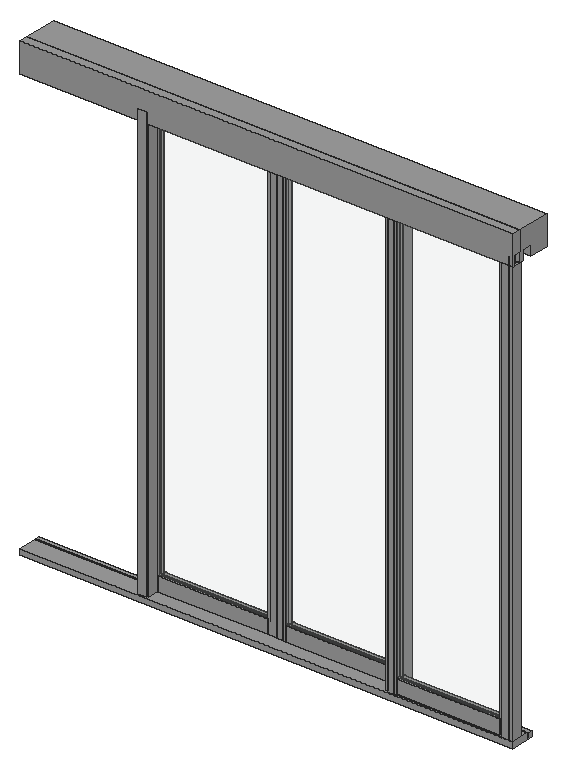
Revit family "agtatec_Record_SldngDrset_THERMCORD-D-STA_Standalone", category Doors, Revit 2015
Parameters (values of type "THERMCORD D-STA 150mm drive unit height side panel left")
  WithoutSidePanels = and(not(RightPanel), not(LeftPanel))  # no
  WithoutDriveCladding(OnlyApplicableForTypesWithoutSidePanels) = not(WithDriveCladding)  # no
  WithinStandardSizes = and(OpeningWidth > 799.90 mm, OpeningWidth < 3000.10 mm, ClearHeightOfPassage < 3000.10 mm, ClearHeightOfPassage > 1999.90 mm)  # yes
  WithSidePanels = and(RightPanel, LeftPanel)  # no
  WithDriveCladding = yes
  WarrantyDurationUnit = "Depends on country"
  WallMountingProfile = no
  Wall Opening Width = if(and(RightPanel, LeftPanel), OpeningWidth + SidePanelWidthRight + SidePanelWidthLeft, if(RightPanel, OpeningWidth + SidePanelWidthRight, if(LeftPanel, OpeningWidth + SidePanelWidthLeft, OpeningWidth)))  # 1846.00 mm
  TotalWidth = if(WithSidePanels, SidePanelWidthLeft + SidePanelWidthRight + OpeningWidth, if(RightPanel, SidePanelWidthRight + OpeningWidth + 54.50 mm, if(LeftPanel, SidePanelWidthLeft + OpeningWidth + 54.50 mm, OpeningWidth + 109.00 mm)))  # 1900.50 mm
  TotalHeight = ClearHeightOfPassage + DriveUnitHeight  # 2300.00 mm
  Thickness = 0.00 mm
  SustainabilityPerformance = "n/a"
  SupportLength = SidePanelWidthLeft + SidePanelWidthRight + OpeningWidth + DriveUnitExtraWidthRight + DriveUnitExtraWidthLeft  # 2492.00 mm
  SidePanelWidthRight = SidePanelMinimumStandard + ExtraRight  # 646.00 mm
  SidePanelWidthLeft = SidePanelMinimumStandard + ExtraLeft  # 646.00 mm
  SidePanelMinimumStandard = InnerPanelWidth  # 646.00 mm
  ServiceLifeType = "n/a"
  SecurityRating = "n/a"
  RightPanel = no
  Revision = "n/a"
  ProductInformation = "www.agta-record.com"
  Process = "n/a"
  PanelHeight = ClearHeightOfPassage + 50.00 mm  # 2200.00 mm
  PanelFrames = agtatec_Record_Sliding Door, Aluminium
  PanelFill = agtatec_Record_Sliding Door, Laminated Safety Glass (Clear)
  OuterPanelWidthRight = SidePanelMinimumStandard - 32.82 mm + ExtraRight  # 613.18 mm
  OuterPanelWidthLeft = SidePanelMinimumStandard - 32.82 mm + ExtraLeft  # 613.18 mm
  OpeningWidth = 1200.00 mm
  Name = "SldngDrset_THERMCORD-D-STA_Standalone_Record"
  NBSTypeID = "n/a"
  NBSReference = "25-50-20/175"
  NBSOfficeMasterTag = "n/a"
  NBSNote = "n/a"
  NBSDescription = "Sliding Doorset"
  NBSCertification = "n/a"
  MountingProfileRight = and(RightPanel, WallMountingProfile)  # no
  MountingProfileLeft = and(LeftPanel, WallMountingProfile)  # no
  ModelNumber = "n/a"
  ModelLabel = "n/a"
  MethodOfMeasurement = "n/a"
  ManufacturerName = "info@recorduk.co.uk"
  LeftPanel = yes
  InterlancingProfileRight = not(and(RightPanel, (Wall Opening Width > OpeningWidth)))  # yes
  InterlancingProfileLeft = not(and(LeftPanel, (Wall Opening Width > OpeningWidth)))  # no
  InterlancingProfileHeight = PanelHeight - 5.00 mm  # 2195.00 mm
  InterlancingProfile3 = or(and(Wall Opening Width < 2 * OpeningWidth, Wall Opening Width > OpeningWidth), WithDriveCladding)  # yes
  InterlancingProfile2 = and(Wall Opening Width = OpeningWidth, [WithoutDriveCladding(OnlyApplicableForTypesWithoutSidePanels)])  # no
  InterlancingProfile1 = yes
  InstallationDate [instance] = "1900-12-31T23:59:59"
  InnerPanelWidth = (OpeningWidth / 2) + 46.00 mm  # 646.00 mm
  IfcExportType = "Door"
  IfcExportAs = "IfcDoorStyle"
  Grade = "n/a"
  GlazingAreaFraction = "n/a"
  GlassThickness2 = 0.00 mm
  GlassThickness1 = 8.00 mm
  FloorListDepth = if(WithDriveCladding, 89.00 mm, 46.75 mm)  # 89.00 mm
  FloorGuide = agtatec_Record_Sliding Door, Stainless Steel
  Width = TotalWidth  # 1900.50 mm
  Weight = "Depends on configuration and size"
  WarrantyStartDate [instance] = "1900-12-31T23:59:59"
  WarrantyGuarantorParts = "Local door manufacturer"
  WarrantyGuarantorLabour = "Local door manufacturer"
  WarrantyDurationParts = "Depends on country"
  WarrantyDurationLabour = "Depends on country"
  WarrantyDescription = "Depends on country"
  Version = "Version 1.0"
  Uniclass2 = "Ss_25_30_20_77"
  URL = "www.agta-record.com"
  Type Comments = "n/a"
  ThresholdStripping = "No additional required, part of the doorset"
  ThresholdRequired = yes
  ThermalTransmittance = 0
  TagNumber [instance] = "n/a"
  SmokeStop = no
  Size = "n/a"
  Shape = "Rectangular"
  ServiceLifeDuration = "10-15 years"
  SerialNumber [instance] = "n/a"
  SelfClosing = yes
  Rough Width = TotalWidth + 6.00 mm  # 1906.50 mm
  Rough Height = TotalHeight + 6.00 mm  # 2306.00 mm
  ReplacementCost = "Depends on the configuration and door type"
  ReferenceStandard = "EN16005, EN16361, DIN 18650, etc."
  Reference = "n/a"
  ProductionYear = "n/a"
  PassageWidthOptions = "n/a"
  Operation = "n/a"
  NominalWidth = TotalWidth  # 1900.50 mm
  NominalLength = 0.00 mm
  NominalHeight = TotalHeight  # 2300.00 mm
  ModelReference = "Depends on the configuration"
  Model = "Thermcord D-STA"
  Material = "Aluminium"
  ManufacturerURL = "www.agta-record.com"
  Manufacturer = "Record"
  LeafColourOptions = "All RAL, customer specific"
  Keynote = "n/a"
  IssueDate = "n/a"
  IsExternal = yes
  Infiltration = "n/a"
  Height = TotalHeight  # 2300.00 mm
  HasDrive = yes
  HandicapAccessible = yes
  GlassType = "Part of glazing spec"
  GlassLayers = 2
  Function = Exterior
  FrameSeal = yes
  FrameProfile = "Aluminium"
  FrameMaterial = "Aluminium"
  FrameFinishOptions = "n/a"
  FireRating = "n/a"
  FireExit = no
  Fire Rating = "n/a"
  Finish = "Powder coated, Anodized, customer specific"
  Features = "n/a"
  ExtraWidthRight = 0.00 mm
  ExtraWidthLeft = 0.00 mm
  ExtraRight = if(not(RightPanel), 0.00 mm, ExtraWidthRight)  # 0.00 mm
  ExtraLeft = if(not(LeftPanel), 0.00 mm, ExtraWidthLeft)  # 0.00 mm
  ExpectedLife = "n/a"
  ElectronicLock = yes
  DurationUnit = "year"
  DriveUnitHeight = 150.00 mm
  DriveUnitExtraWidthRight = 0.00 mm
  DriveUnitExtraWidthLeft = 0.00 mm
  DriveUnitCenterDistance = (OpeningWidth / 2) + SidePanelWidthRight + DriveUnitExtraWidthRight  # 1246.00 mm
  DriveUnit = agtatec_Record_Sliding Door, Sheet Metal (Painted Steel)
  DriveDepth = if(and([WithoutDriveCladding(OnlyApplicableForTypesWithoutSidePanels)], DriveUnitHeight = 200.00 mm), 167.00 mm, if(and([WithoutDriveCladding(OnlyApplicableForTypesWithoutSidePanels)], DriveUnitHeight = 150.00 mm), 157.00 mm, 210.00 mm))  # 210.00 mm
  DoorsetOperation = "Automatic"
  DoorsetFasteners = "Screws"
  DoorSeal = "1"
  DoorOpeningRestriction = if(DoorOpening > OpeningWidth, OpeningWidth, DoorOpening)  # 0.00 mm
  DoorOpening = 0.00 mm
  DoorNumber = "n/a"
  DoorIncluded = yes
  Documentation = "n/a"
  DocumentReference = "n/a"
  DistanceToWall = if([WithoutDriveCladding(OnlyApplicableForTypesWithoutSidePanels)], 20.00 mm, 63.00 mm)  # 63.00 mm
  Description = "Automatic Sliding Door"
  Cost = 0
  Construction Type = "Automatic Sliding Door"
  Constituents = "n/a"
  Configuration = "1 or 2"
  Colour = "Customer specific"
  CodePerformance = "n/a"
  ClearanceZoneRight = if(or(not(WallMountingProfile), not(RightPanel), DriveUnitExtraWidthRight > 0.00 mm), ((OpeningWidth / 2) + SidePanelWidthRight + DriveUnitExtraWidthRight), ((OpeningWidth / 2) + SidePanelWidthRight + DriveUnitExtraWidthRight + 25.00 mm))  # 1246.00 mm
  ClearanceZoneLeft = if(or(not(WallMountingProfile), not(LeftPanel), DriveUnitExtraWidthLeft > 0.00 mm), ((OpeningWidth / 2) + SidePanelWidthLeft + DriveUnitExtraWidthLeft), ((OpeningWidth / 2) + SidePanelWidthLeft + DriveUnitExtraWidthLeft + 25.00 mm))  # 1246.00 mm
  Clearance Zones = no
  ClearHeightOfPassage = 2150.00 mm
  CenterOfDoor = SupportLength / 2  # 1246.00 mm
  Category = "n/a"
  BarCode [instance] = "n/a"
  BIMObjectName = "agtatec_Record_SlidingDoorset_THERMCORD-D-STA_Standalone"
  Author = "agtatec"
  AssetType = "n/a"
  AssetIdentifier [instance] = "n/a"
  Assembly Code = "B2030110"
  AntiFingerTrapRequirement = yes
  AlternativeDoorsetGlazing = "Part of glazing spec"
  AcousticRating = "n/a"
  AccessoryOptions = "Contact manufacturer"
  AccessibilityPerformance = "n/a"
Types (8, lengths in mm): name | WithoutSidePanels | WithSidePanels | Wall Opening Width | TotalWidth | TotalHeight | RightPanel | LeftPanel | InterlancingProfileRight | InterlancingProfileLeft | InterlancingProfile1 | Width | Rough Width | Rough Height | NominalWidth | NominalHeight | Height | DriveUnitHeight | DoorSeal
  THERMCORD D-STA 150mm drive unit height with two side panels | no | yes | 2492.00 | 2492.00 | 2300.00 | yes | yes | no | no | yes | 2492.00 | 2498.00 | 2306.00 | 2492.00 | 2300.00 | 2300.00 | 150.00 | "yes"
  THERMCORD D-STA 150mm drive unit height side panel left | no | no | 1846.00 | 1900.50 | 2300.00 | no | yes | yes | no | yes | 1900.50 | 1906.50 | 2306.00 | 1900.50 | 2300.00 | 2300.00 | 150.00 | "1"
  THERMCORD D-STA 150mm drive unit height side panel right | no | no | 1846.00 | 1900.50 | 2300.00 | yes | no | no | yes | yes | 1900.50 | 1906.50 | 2306.00 | 1900.50 | 2300.00 | 2300.00 | 150.00 | "1"
  THERMCORD D-STA 150mm drive unit height without side panels | yes | no | 1200.00 | 1309.00 | 2300.00 | no | no | yes | yes | no | 1309.00 | 1315.00 | 2306.00 | 1309.00 | 2300.00 | 2300.00 | 150.00 | "1"
  THERMCORD D-STA 200mm drive unit height side panel left | no | no | 1846.00 | 1900.50 | 2350.00 | no | yes | yes | no | yes | 1900.50 | 1906.50 | 2356.00 | 1900.50 | 2350.00 | 2350.00 | 200.00 | "1"
  THERMCORD D-STA 200mm drive unit height side panel right | no | no | 1846.00 | 1900.50 | 2350.00 | yes | no | no | yes | yes | 1900.50 | 1906.50 | 2356.00 | 1900.50 | 2350.00 | 2350.00 | 200.00 | "1"
  THERMCORD D-STA 200mm drive unit height with two side panels | no | yes | 2492.00 | 2492.00 | 2350.00 | yes | yes | no | no | yes | 2492.00 | 2498.00 | 2356.00 | 2492.00 | 2350.00 | 2350.00 | 200.00 | "1"
  THERMCORD D-STA 200mm drive unit height without side panels | yes | no | 1200.00 | 1309.00 | 2350.00 | no | no | yes | yes | no | 1309.00 | 1315.00 | 2356.00 | 1309.00 | 2350.00 | 2350.00 | 200.00 | "1"
Reference planes
  plane 1 "Center (Front/Back)": y = 0
  plane 2: z = 0
  plane 3 "Ex Center (Left/Right)": x = 0
  plane 4: x = -1221.68
  plane 5: x = 1221.68
  plane 6: y = 5
  plane 7: y = 101
  plane 8: x = 0
  plane 9: x = 0
  plane 10: x = -1246
  plane 11: x = 1246
  plane 12: z = 2300
  plane 13: z = 2150
  plane 14: z = 2508.08
  plane 15: x = -1175.68
  plane 16: x = 1175.68
  plane 17: x = 600
  plane 18: x = 608.5
  plane 19 "Drive Unit Center Ref": x = -1246
  plane 20: z = 2320
  plane 21: y = 360
  plane 22 "Clearance Zone Right": x = 1246
  plane 23 "Reference": z = 270
  plane 24 "2D Lines": z = 100
  plane 25: x = -646
  plane 26: y = 63
  plane 27: x = 646
  plane 28: y = 45.85
  plane 29: x = -600
  plane 30: x = -608.5
  plane 31: y = 210
  plane 32 "Center (Left/Right)": x = 0
  plane 33: x = -1246
  plane 34: x = 1246
Forms (mm)
  Extrusion 1, solid, material "agtatec_Record_Sliding Door, Aluminium" <- "PanelFrames", visible <- "RightPanel"
    sketch origin (0, 0, 0) x (1, 0, 0) y (0, 1, 0)
      loop
        line (-1191, 5) -> (-1236.36, 5) -> (-1236.36, 43) -> (-1191, 43) -> (-1191, 45.85) -> (-1246, 45.85) -> (-1246, 0) -> (-1191, 0) -> (-1191, 5)
    from 0 to 2150
  Extrusion 2, solid, material "agtatec_Record_Sliding Door, Aluminium" <- "PanelFrames", visible <- "LeftPanel"
    sketch origin (0, 0, 0) x (-1, 0, 0) y (0, -1, 0)
      loop
        line (-1191, -5) -> (-1191, 0) -> (-1246, 0) -> (-1246, -45.85) -> (-1191, -45.85) -> (-1191, -43) -> (-1236.36, -43) -> (-1236.36, -5) -> (-1191, -5)
    from 0 to 2150
  Extrusion 3, solid, material "agtatec_Record_Sliding Door, Stainless Steel" <- "FloorGuide"
    sketch origin (0, 0, 0) x (0, 1, 0) y (0, 0, 1)
      loop
        line (0, 0) -> (0, -30) -> (116, -30) -> (116, 0) -> (96, 0) -> (96, -28) -> (89, -28) -> (89, 0) -> (0, 0)
    from -1246 to 1246
  Extrusion 4, solid, material "agtatec_Record_Sliding Door, Aluminium" <- "PanelFrames", visible <- "MountingProfileLeft"
    sketch origin (0, 0, 0) x (1, 0, 0) y (0, 1, 0)
      loop
        line (1246, 45.85) -> (1246, 0) -> (1271, 0) -> (1271, 2.5) -> (1256.5, 2.5) -> (1256.5, 45.85) -> (1246, 45.85)
    from 0 to 2150
  Extrusion 5, solid, material "agtatec_Record_Sliding Door, Aluminium" <- "PanelFrames", visible <- "MountingProfileRight"
    sketch origin (0, 0, 0) x (-1, 0, 0) y (0, -1, 0)
      loop
        line (1246, -45.85) -> (1256.5, -45.85) -> (1256.5, -2.5) -> (1271, -2.5) -> (1271, 0) -> (1246, 0) -> (1246, -45.85)
    from 0 to 2150
  Extrusion 6, solid, material "Clearance Zones", visible <- "Clearance Zones"
    sketch origin (0, 0, 0) x (0, 1, 0) y (0, 0, 1)
      loop
        line (360, 2320) -> (0, 2320) -> (0, 0) -> (360, 0) -> (360, 2320)
    from -1246 to 1246
Lines and regions (mm)
  Masking region 1, visible <- "RightPanel"
    outline origin (0, 0, 0) x (1, 0, 0) y (0, 1, 0)
      loop
        line (-1236.36, 43) -> (-1236.36, 5) -> (-1221.68, 5) -> (-1221.68, 43) -> (-1236.36, 43)
  Masking region 2, visible <- "LeftPanel"
    outline origin (0, 0, 0) x (1, 0, 0) y (0, 1, 0)
      loop
        line (1191, 45.85) -> (1191, 43) -> (1236.36, 43) -> (1236.36, 5) -> (1191, 5) -> (1191, 0) -> (1246, 0) -> (1246, 45.85) -> (1191, 45.85)
  Masking region 3, visible <- "LeftPanel"
    outline origin (0, 0, 0) x (1, 0, 0) y (0, 1, 0)
      loop
        line (1236.36, 43) -> (1221.68, 43) -> (1221.68, 5) -> (1236.36, 5) -> (1236.36, 43)
  Masking region 4, visible <- "MountingProfileLeft"
    outline origin (0, 0, 0) x (1, 0, 0) y (0, 1, 0)
      loop
        line (1246, 45.85) -> (1246, 0) -> (1271, 0) -> (1271, 2.5) -> (1256.5, 2.5) -> (1256.5, 45.85) -> (1246, 45.85)
  Masking region 5, visible <- "MountingProfileRight"
    outline origin (0, 0, 0) x (1, 0, 0) y (0, 1, 0)
      loop
        line (-1256.5, 45.85) -> (-1256.5, 2.5) -> (-1271, 2.5) -> (-1271, 0) -> (-1246, 0) -> (-1246, 45.85) -> (-1256.5, 45.85)
  Masking region 6, visible <- "RightPanel"
    outline origin (0, 0, 0) x (1, 0, 0) y (0, 1, 0)
      loop
        line (-1191, 45.85) -> (-1246, 45.85) -> (-1246, 0) -> (-1191, 0) -> (-1191, 5) -> (-1236.36, 5) -> (-1236.36, 43) -> (-1191, 43) -> (-1191, 45.85)
  symbolic lines, style "Opening simbol"
    curve 1: line (175, -50, 0) -> (25, -50, 0)
    curve 2: line (175, -50, 0) -> (139.645, -14.645, 0)
    curve 3: line (175, -50, 0) -> (139.645, -85.355, 0)
    curve 4: line (-25, -50, 0) -> (-175, -50, 0)
    curve 5: line (-175, -50, 0) -> (-139.645, -14.645, 0)
    curve 6: line (-175, -50, 0) -> (-139.645, -85.355, 0)
  symbolic lines, style "DoorsPanelProjection", visible <- "LeftPanel", detail levels medium+fine
    curve 7: line (1191, 43, 100) -> (1236.36, 43, 100)
    curve 8: line (1236.36, 5, 100) -> (1191, 5, 100)
    curve 9: line (1236.36, 5, 100) -> (1236.36, 43, 100)
    curve 10: line (1221.68, 43, 100) -> (1221.68, 5, 100)
  symbolic lines, style "DoorsPanelProjection", visible <- "RightPanel", detail levels medium+fine
    curve 11: line (-1191, 43, 100) -> (-1236.36, 43, 100)
    curve 12: line (-1236.36, 5, 100) -> (-1191, 5, 100)
    curve 13: line (-1236.36, 5, 100) -> (-1236.36, 43, 100)
    curve 14: line (-1221.68, 43, 100) -> (-1221.68, 5, 100)
Dimensions and locks
  locked: plane 6 to plane 1 "Center (Front/Back)" at 5
  locked: plane 1 "Center (Front/Back)" to plane 7 at 101
  equal spacing: plane 8, plane 3 "Ex Center (Left/Right)", plane 9
  locked: plane 10 to plane 4 at 24.32
  locked: plane 5 to plane 11 at 24.32
  "DriveUnitHeight": plane 12 to plane 13
  locked: plane 14 to plane 13 at 358.08
  locked: plane 10 to plane 15 at 70.32
  locked: plane 16 to plane 11 at 70.32
  locked: plane 17 to plane 18 at 8.5
  "SidePanelWidthLeft": plane 17 to plane 11
  "ClearHeightOfPassage": plane 13 to plane 2
  "DriveUnitCenterDistance": plane 3 "Ex Center (Left/Right)" to plane 19 "Drive Unit Center Ref"
  locked: plane 20 to plane 12 at 20
  "SupportLength": plane 19 "Drive Unit Center Ref" to plane 22 "Clearance Zone Right"
  "DoorOpeningRestriction": plane 8 to plane 9
  "InnerPanelWidth": plane 25 to plane 8
  "InnerPanelWidth": plane 9 to plane 27
  "DistanceToWall": plane 26 to plane 1 "Center (Front/Back)"
  locked: plane 26 to nested 8 at 20
  locked: plane 26 to nested 9 at 20
  locked: plane 28 to plane 1 "Center (Front/Back)" at 45.85
  locked: plane 30 to plane 29 at 8.5
  equal spacing: plane 29, plane 3 "Ex Center (Left/Right)", plane 17
  "SidePanelWidthRight": plane 10 to plane 29
  "OpeningWidth": plane 29 to plane 17
  "DriveDepth": plane 1 "Center (Front/Back)" to plane 31
  "DriveUnitHeight": plane 31 to plane 21
  locked: Extrusion 3 sketch curve to Extrusion 3 sketch curve at 20
  locked: Extrusion 3 sketch curve to Extrusion 3 sketch curve at 7
  "FloorListDepth": plane 1 "Center (Front/Back)" to Extrusion 3 sketch curve
  "CenterOfDoor": plane 19 "Drive Unit Center Ref" to plane 32 "Center (Left/Right)"
  "ClearanceZoneLeft": plane 3 "Ex Center (Left/Right)" to plane 34
  "ClearanceZoneRight": plane 33 to plane 3 "Ex Center (Left/Right)"
  aligned and locked: level to plane 2
  aligned and locked: Extrusion 1 to plane 10
  aligned and locked: plane 11 to Extrusion 2
  aligned and locked: plane 11 to Extrusion 4 sketch curve
  aligned and locked: plane 13 to Extrusion 4
  aligned and locked: plane 13 to Extrusion 2
  aligned and locked: plane 13 to Extrusion 1
  aligned and locked: plane 13 to Extrusion 5
  aligned and locked: plane 12 to nested 2
  aligned and locked: Extrusion 3 to plane 10
  aligned and locked: plane 11 to Extrusion 3
  aligned and locked: nested 2 to plane 19 "Drive Unit Center Ref"
  aligned and locked: plane 21 to Extrusion 6 sketch curve
  aligned and locked: Extrusion 6 sketch curve to plane 20
  aligned and locked: nested 7 to plane 25
  aligned and locked: plane 26 to nested 7
  aligned and locked: plane 25 to nested 6
  aligned and locked: nested 6 to plane 26
  aligned and locked: plane 28 to Extrusion 2 sketch curve
  aligned and locked: Masking region 2 sketch curve to plane 28
  aligned and locked: Extrusion 4 sketch curve to plane 28
  aligned and locked: Masking region 4 sketch curve to plane 28
  aligned and locked: Extrusion 1 sketch curve to plane 28
  aligned and locked: plane 28 to Extrusion 5 sketch curve
  aligned and locked: Masking region 1 to Extrusion 1
  aligned and locked: Masking region 3 to Extrusion 2
  aligned and locked: plane 10 to Extrusion 5 sketch curve
  aligned and locked: Masking region 5 sketch curve to plane 28
  aligned and locked: Masking region 5 sketch curve to plane 10
  aligned and locked: plane 30 to nested 8
  aligned and locked: plane 1 "Center (Front/Back)" to nested 2
  aligned and locked: plane 30 to nested 5
  aligned and locked: plane 30 to nested 11
  aligned and locked: plane 18 to nested 9
  aligned and locked: plane 18 to nested 10
  aligned and locked: plane 18 to nested 1
  aligned and locked: plane 27 to nested 4
  aligned and locked: nested 3 to plane 26
  aligned and locked: nested 3 to plane 27
  aligned and locked: plane 26 to nested 4
  aligned and locked: Extrusion 6 to plane 33
  aligned and locked: plane 34 to Extrusion 6
Automatic sketch dimensions
  Extrusion 6 sketch curve to level = 0.00 mm
  Extrusion 6 sketch curve to plane 1 "Center (Front/Back)" = 0.00 mm
  plane 1 "Center (Front/Back)" to curve 5 = 14.645 mm
  curve 5 to curve 6 = 0.00 mm
  curve 4 to curve 5 = 35.355 mm
  plane 1 "Center (Front/Back)" to curve 2 = 14.645 mm
  curve 3 to curve 2 = 0.00 mm
  plane 1 "Center (Front/Back)" to curve 2 = 50.00 mm
  curve 2 to curve 2 = 35.355 mm
  curve 6 to curve 5 = 35.355 mm
  Extrusion 1 sketch curve to plane 10 = 0.00 mm
  Extrusion 1 sketch curve to plane 6 = 0.00 mm
  Extrusion 1 sketch curve to plane 1 "Center (Front/Back)" = 0.00 mm
  plane 10 to Extrusion 1 sketch curve = 9.64 mm
  Extrusion 1 sketch curve to plane 15 = 15.32 mm  (x2)
  Extrusion 1 sketch curve to Extrusion 1 sketch curve = 2.85 mm
  Extrusion 2 sketch curve to plane 11 = 0.00 mm
  Extrusion 2 sketch curve to plane 6 = 0.00 mm
  plane 1 "Center (Front/Back)" to Extrusion 2 sketch curve = 0.00 mm
  plane 11 to Extrusion 2 sketch curve = 9.64 mm
  Extrusion 2 sketch curve to plane 16 = 15.32 mm  (x2)
  Extrusion 2 sketch curve to Extrusion 2 sketch curve = 2.85 mm
  plane 1 "Center (Front/Back)" to Extrusion 4 sketch curve = 0.00 mm
  plane 11 to Extrusion 4 sketch curve = 10.50 mm
  Extrusion 4 sketch curve to Extrusion 4 sketch curve = 14.50 mm
  Extrusion 4 sketch curve to plane 1 "Center (Front/Back)" = 2.50 mm
  Extrusion 5 sketch curve to plane 1 "Center (Front/Back)" = 0.00 mm
  Extrusion 5 sketch curve to Extrusion 5 sketch curve = 10.50 mm
  Extrusion 5 sketch curve to Extrusion 5 sketch curve = 14.50 mm
  Extrusion 5 sketch curve to Extrusion 5 sketch curve = 2.50 mm
  Masking region 1 sketch curve to plane 6 = 0.00 mm
  Masking region 1 sketch curve to plane 4 = 0.00 mm
  plane 10 to Masking region 1 sketch curve = 9.64 mm
  Masking region 1 sketch curve to plane 26 = 20.00 mm
  Masking region 2 sketch curve to plane 6 = 0.00 mm
  plane 1 "Center (Front/Back)" to Masking region 2 sketch curve = 0.00 mm
  Masking region 2 sketch curve to plane 11 = 0.00 mm
  Masking region 2 sketch curve to plane 11 = 9.64 mm
  plane 16 to Masking region 2 sketch curve = 15.32 mm  (x2)
  Masking region 2 sketch curve to Masking region 2 sketch curve = 2.85 mm
  Masking region 3 sketch curve to plane 6 = 0.00 mm
  Masking region 3 sketch curve to plane 5 = 0.00 mm
  Masking region 3 sketch curve to plane 11 = 9.64 mm
  Masking region 3 sketch curve to plane 26 = 20.00 mm
  plane 1 "Center (Front/Back)" to Masking region 4 sketch curve = 0.00 mm
  Masking region 4 sketch curve to plane 11 = 0.00 mm
  Masking region 4 sketch curve to Masking region 4 sketch curve = 10.50 mm
  Masking region 4 sketch curve to Masking region 4 sketch curve = 14.50 mm
  Masking region 4 sketch curve to plane 1 "Center (Front/Back)" = 2.50 mm
  curve 1 to curve 2 = 114.645 mm
  curve 6 to curve 4 = 114.645 mm
  plane 3 "Ex Center (Left/Right)" to curve 1 = 25.00 mm
  curve 4 to plane 3 "Ex Center (Left/Right)" = 25.00 mm
  curve 9 to plane 6 = 0.00 mm
  curve 10 to plane 5 = 0.00 mm
  curve 12 to plane 6 = 0.00 mm
  curve 14 to plane 4 = 0.00 mm
  curve 9 to plane 28 = 2.85 mm
  curve 9 to plane 11 = 9.64 mm
  plane 16 to curve 8 = 15.32 mm
  plane 16 to curve 7 = 15.32 mm
  curve 11 to plane 28 = 2.85 mm
  curve 11 to plane 15 = 15.32 mm
  curve 12 to plane 15 = 15.32 mm
  plane 10 to curve 13 = 9.64 mm
  plane 1 "Center (Front/Back)" to Masking region 5 sketch curve = 0.00 mm
  Masking region 5 sketch curve to Masking region 5 sketch curve = 10.50 mm
  Masking region 5 sketch curve to Masking region 5 sketch curve = 14.50 mm
  Masking region 5 sketch curve to plane 1 "Center (Front/Back)" = 2.50 mm
  Masking region 6 sketch curve to plane 10 = 0.00 mm
  Masking region 6 sketch curve to plane 6 = 0.00 mm
  Masking region 6 sketch curve to plane 28 = 0.00 mm
  plane 1 "Center (Front/Back)" to Masking region 6 sketch curve = 0.00 mm
  plane 10 to Masking region 6 sketch curve = 9.64 mm
  Masking region 6 sketch curve to plane 28 = 2.85 mm
  Masking region 6 sketch curve to plane 15 = 15.32 mm  (x2)
  Extrusion 3 sketch curve to level = 0.00 mm  (x2)
  Extrusion 3 sketch curve to plane 1 "Center (Front/Back)" = 0.00 mm
  Extrusion 3 sketch curve to level = 28.00 mm
  Extrusion 3 sketch curve to level = 30.00 mm
Nested families
  nested 1: "Outer Panel Left" at (608.5, 5, 0), visible <- "LeftPanel", type "Outer Panel Left"
  nested 2: "Top Element (drive unit)" at (0, 0, 2300), type "Top Element (drive unit)"
    with Total Width 2492.00 mm, Support Length 2492.00 mm, Right Panel no
  nested 3: "Inner Panel" at (0, 63, 0), type "Inner Panel"
    with Inner Panel Width 646.00 mm
  nested 4: "Interlacing profile" at (646, 63, 5) x (0, -1, 0) z (0, 0, 1), type "Interlacing profile"
  nested 5: "Outer Panel Right" at (-1221.68, 5, 0), visible <- "RightPanel", type "Outer Panel Right"
  nested 6: "Interlacing profile" at (-646, 63, 5) x (0, -1, 0) z (0, 0, 1), type "Interlacing profile"
  nested 7: "Inner Panel" at (0, 63, 0) x (-1, 0, 0) z (0, 0, 1), type "Inner Panel"
    with Inner Panel Width 646.00 mm
  nested 8: "Interlacing profile" at (-608.5, 43, 5) x (0, 1, 0) z (0, 0, 1), visible <- "InterlancingProfileRight", type "Modified profile"
    with Interlacing profile 3 yes
  nested 9: "Interlacing profile" at (608.5, 43, 5) x (0, 1, 0) z (0, 0, 1), visible <- "InterlancingProfileLeft", type "Modified profile"
    with Interlacing profile 3 yes
  nested 10: "Interlacing profile" at (608.5, 43, 5) x (0, 1, 0) z (0, 0, 1), visible <- "LeftPanel", type "Interlacing profile"
  nested 11: "Interlacing profile" at (-608.5, 43, 5) x (0, 1, 0) z (0, 0, 1), visible <- "RightPanel", type "Interlacing profile"
Definition of nested family "Outer Panel Left"
  Parameters
    Panel Height = 2200.00 mm
    Panel Glass = none
    Panel Frames = none
    Outer Panel Width Left = 613.18 mm
  Reference planes
    plane 1 "Center (Front/Back)": y = 0
    plane 2: z = 0
    plane 3 "Center (Left/Right)": x = 0
    plane 4: x = 613.18
    plane 5: z = 2200
    plane 6: x = 567.18
    plane 7: x = 46
    plane 8: z = 2163
    plane 9 "Above": z = 66
    plane 10: x = 581.18
    plane 11: x = 32
    plane 12: x = 582.5
    plane 13: x = 16.25
  Forms (mm)
    Extrusion 1, solid, material <- "Panel Frames"
      sketch origin (0, 0, 0) x (1, 0, 0) y (0, 1, 0)
        loop
          line (0, 0) -> (46, 0) -> (46, 2) -> (30, 2) -> (30, 36) -> (46, 36) -> (46, 38) -> (0, 38) -> (0, 0)
      from 0 to 2200
    Extrusion 2, solid, material <- "Panel Frames"
      sketch origin (591.5, 0, 0) x (-1, 0, 0) y (0, -1, 0)
        loop
          line (-21.68, 0) -> (-21.68, -38) -> (24.32, -38) -> (24.32, -36) -> (8.32, -36) -> (8.32, -2) -> (24.32, -2) -> (24.32, 0) -> (-21.68, 0)
      from 0 to 2200
    Extrusion 3, solid, material <- "Panel Frames"
      sketch origin (75, 0, 0) x (0, 1, 0) y (0, 0, 1)
        loop
          line (0, 2200) -> (0, 2150) -> (2.5, 2150) -> (2.5, 2166) -> (35.5, 2166) -> (35.5, 2150) -> (38, 2150) -> (38, 2200) -> (0, 2200)
      from -29 to 492.18
    Extrusion 4, solid, material <- "Panel Glass"
      sketch origin (0, 0, 0) x (1, 0, 0) y (0, 1, 0)
        loop
          line (32, 34) -> (32, 4) -> (581.18, 4) -> (581.18, 34) -> (32, 34)
      from 66 to 2163
    Extrusion 5, solid, material <- "Panel Frames"
      sketch origin (20, 0, 0) x (0, 1, 0) y (0, 0, 1)
        loop
          line (0, 5) -> (2.25, 5) -> (2.25, 0) -> (35.25, 0) -> (35.25, 5) -> (38, 5) -> (38, 77) -> (35.5, 77) -> (35.5, 61) -> (2.5, 61) -> (2.5, 77) -> (0, 77) -> (0, 5)
      from 26 to 547.18
  Lines and regions (mm)
    Masking region 1
      outline origin (0, 0, 0) x (1, 0, 0) y (0, 1, 0)
        loop
          line (0, 38) -> (0, 0) -> (582.5, 0) -> (613.18, 0) -> (613.18, 38) -> (582.5, 38) -> (16.25, 38) -> (0, 38)
    symbolic lines, detail levels medium+fine
      curve 1: line (567.18, 38, 66) -> (567.18, 0, 66)
      curve 2: line (46, 38, 66) -> (46, 0, 66)
    symbolic lines, detail levels fine
      curve 3: line (46, 34, 66) -> (567.18, 34, 66)
      curve 4: line (567.18, 4, 66) -> (46, 4, 66)
  Dimensions and locks
    "Panel Height": plane 5 to plane 2
    locked: plane 7 to plane 3 "Center (Left/Right)" at 46
    locked: plane 6 to plane 4 at 46
    locked: plane 5 to plane 8 at 37
    locked: plane 9 "Above" to level at 66
    locked: plane 4 to plane 10 at 32
    locked: plane 11 to plane 3 "Center (Left/Right)" at 32
    locked: plane 12 to plane 4 at 30.68
    plane 3 "Center (Left/Right)" to plane 13 = 16.25 mm
    "Outer Panel Width Left": plane 4 to plane 3 "Center (Left/Right)"
    aligned and locked: plane 2 to level
    aligned and locked: plane 5 to Extrusion 2
    aligned and locked: plane 5 to Extrusion 1
    aligned and locked: Extrusion 3 to plane 7
    aligned and locked: Extrusion 3 to plane 6
    aligned and locked: plane 8 to Extrusion 4
    aligned and locked: Extrusion 4 to plane 9 "Above"
    aligned and locked: Extrusion 4 to plane 10
    aligned and locked: Extrusion 4 to plane 11
    aligned and locked: Extrusion 1 to level
    aligned and locked: Extrusion 2 to level
    aligned and locked: Extrusion 5 to plane 6
    aligned and locked: Extrusion 5 to plane 7
    aligned and locked: Masking region 1 sketch curve to plane 3 "Center (Left/Right)"
    aligned and locked: Masking region 1 sketch curve to plane 4
    aligned and locked: plane 6 to curve 1
    aligned and locked: curve 2 to plane 7
  Automatic sketch dimensions
    Extrusion 1 sketch curve to plane 3 "Center (Left/Right)" = 0.00 mm
    Extrusion 1 sketch curve to plane 7 = 0.00 mm  (x2)
    plane 1 "Center (Front/Back)" to Extrusion 1 sketch curve = 0.00 mm
    Extrusion 1 sketch curve to plane 11 = 2.00 mm
    Extrusion 1 sketch curve to Extrusion 1 sketch curve = 2.00 mm  (x2)
    Extrusion 1 sketch curve to Extrusion 1 sketch curve = 34.00 mm
    Extrusion 2 sketch curve to plane 4 = 0.00 mm
    Extrusion 2 sketch curve to plane 6 = 0.00 mm  (x2)
    plane 1 "Center (Front/Back)" to Extrusion 2 sketch curve = 0.00 mm
    plane 10 to Extrusion 2 sketch curve = 2.00 mm
    Extrusion 2 sketch curve to Extrusion 2 sketch curve = 2.00 mm  (x2)
    Extrusion 2 sketch curve to Extrusion 2 sketch curve = 34.00 mm
    Extrusion 3 sketch curve to plane 1 "Center (Front/Back)" = 0.00 mm
    Extrusion 3 sketch curve to plane 5 = 0.00 mm
    Extrusion 3 sketch curve to plane 1 "Center (Front/Back)" = 2.50 mm
    plane 8 to Extrusion 3 sketch curve = 3.00 mm
    Extrusion 3 sketch curve to Extrusion 3 sketch curve = 33.00 mm
    Extrusion 3 sketch curve to Extrusion 3 sketch curve = 2.50 mm
    Extrusion 3 sketch curve to plane 8 = 13.00 mm  (x2)
    Extrusion 4 sketch curve to plane 11 = 0.00 mm
    Extrusion 4 sketch curve to plane 10 = 0.00 mm
    Extrusion 4 sketch curve to plane 1 "Center (Front/Back)" = 4.00 mm
    Extrusion 4 sketch curve to Extrusion 4 sketch curve = 30.00 mm
    Extrusion 5 sketch curve to plane 1 "Center (Front/Back)" = 0.00 mm
    Extrusion 5 sketch curve to level = 0.00 mm
    Extrusion 5 sketch curve to plane 1 "Center (Front/Back)" = 2.25 mm
    Extrusion 5 sketch curve to plane 1 "Center (Front/Back)" = 2.50 mm
    level to Extrusion 5 sketch curve = 5.00 mm
    Extrusion 5 sketch curve to Extrusion 5 sketch curve = 33.00 mm  (x2)
    plane 9 "Above" to Extrusion 5 sketch curve = 11.00 mm  (x2)
    Extrusion 5 sketch curve to Extrusion 5 sketch curve = 2.50 mm
    Extrusion 5 sketch curve to Extrusion 5 sketch curve = 5.00 mm
    Extrusion 5 sketch curve to plane 9 "Above" = 5.00 mm
    plane 1 "Center (Front/Back)" to Masking region 1 sketch curve = 0.00 mm
    Masking region 1 sketch curve to Masking region 1 sketch curve = 38.00 mm
    plane 12 to Masking region 1 sketch curve = 0.00 mm  (x2)
    Masking region 1 sketch curve to plane 13 = 0.00 mm
    plane 1 "Center (Front/Back)" to curve 2 = 0.00 mm
    plane 1 "Center (Front/Back)" to curve 1 = 0.00 mm
    curve 4 to curve 2 = 4.00 mm
    curve 3 to curve 4 = 30.00 mm
    curve 1 to curve 3 = 4.00 mm
    curve 2 to curve 3 = 4.00 mm
Definition of nested family "Top Element (drive unit)"
  Parameters
    Without side panels = and(not(Right Panel), not(Left Panel))  # no
    Wall Mounting Option 2 = not(Wall Mounting Option 1)  # no
    Wall Mounting Option 1 = yes
    Total Width = 2497.00 mm
    Support Length = 2497.00 mm
    Right Panel = yes
    Left Panel = yes
    Drive Unit Height = 150.00 mm
    Drive Unit = none
    Drive Depth 3 = if(Wall Mounting Option 2, 0.00 mm, 43.00 mm)  # 43.00 mm
    Drive Depth 2 = if(and(Wall Mounting Option 2, Drive Unit Height = 150.00 mm), 86.00 mm, if(Drive Unit Height = 150.00 mm, 98.00 mm, 105.00 mm))  # 98.00 mm
    Drive Depth = if(and(Wall Mounting Option 2, Drive Unit Height = 200.00 mm), 167.00 mm, if(and(Wall Mounting Option 2, Drive Unit Height = 150.00 mm), 157.00 mm, 210.00 mm))  # 210.00 mm
    Cladding void = if(Without side panels, 42.00 mm, Drive Depth - Drive Depth 2 - 5.00 mm)  # 107.00 mm
    Cladding profile = not(Wall Mounting Option 2)  # yes
  Reference planes
    plane 1 "Center (Front/Back)": y = 0
    plane 2: z = 0
    plane 3 "Drive Unit Center (Left/Right)": x = 0
    plane 4: x = -1248.5
    plane 5: x = 1248.5
    plane 6: y = 210
    plane 7: y = 112
    plane 8: y = 43
  Forms (mm)
    Extrusion 1, solid, material <- "Drive Unit"
      sketch origin (0, 0, -40.756) x (0, 1, 0) y (0, 0, 1)
        loop
          line (43, 40.756) -> (43, -109.244) -> (63, -109.244) -> (63, -59.244) -> (112, -59.244) -> (112, -109.244) -> (210, -109.244) -> (210, 40.756) -> (43, 40.756)
      from -1248.5 to 1248.5
    Extrusion 2, solid, material <- "Drive Unit", visible <- "Cladding profile"
      sketch origin (0, 0, 0) x (0, 1, 0) y (0, 0, 1)
        loop
          line (0, 0) -> (0, -150) -> (43, -150) -> (43, 0) -> (0, 0)
      from -1248.5 to 1248.5
    Extrusion 3, void
      sketch origin (0, 112, -78.209) x (0, 0, -1) y (1, 0, 0)
        loop
          line (71.791, -1248.5) -> (71.791, 1248.5) -> (21.791, 1248.5) -> (21.791, -1248.5) -> (71.791, -1248.5)
      from 0 to 107 <- "Cladding void"
  Cuts and joins
    Extrusion 3 cuts Extrusion 2
  Dimensions and locks
    "Drive Unit Height": level to Extrusion 1
    "Drive Depth": plane 1 "Center (Front/Back)" to plane 6
    "Drive Depth 2": plane 7 to plane 6
    locked: plane 1 "Center (Front/Back)" to Extrusion 2 sketch curve at 43
    "Drive Depth 3": plane 1 "Center (Front/Back)" to plane 8
    locked: plane 8 to Extrusion 1 sketch curve at 20
    locked: Extrusion 3 sketch curve to Extrusion 3 sketch curve at 50
    equal spacing: plane 5, plane 3 "Drive Unit Center (Left/Right)", plane 4
    "Support Length": plane 5 to plane 4
    aligned and locked: level to plane 2
    aligned and locked: plane 2 to Extrusion 1  (x2)
    aligned and locked: plane 4 to Extrusion 1
    aligned and locked: plane 5 to Extrusion 1
    aligned and locked: plane 6 to Extrusion 1
    aligned and locked: Extrusion 1 to plane 7
    aligned and locked: Extrusion 2 sketch curve to plane 1 "Center (Front/Back)"
    aligned and locked: plane 5 to Extrusion 2
    aligned and locked: plane 4 to Extrusion 2
    aligned and locked: plane 8 to Extrusion 1 sketch curve
    aligned and locked: plane 5 to Extrusion 3 sketch curve
    aligned and locked: plane 4 to Extrusion 3 sketch curve
    aligned and locked: cut or joined group of Extrusion 2, Extrusion 3 to Extrusion 1
    aligned and locked: Extrusion 3 sketch curve to cut or joined group of Extrusion 2, Extrusion 3
  Automatic sketch dimensions
    Extrusion 2 sketch curve to level = 0.00 mm
    Extrusion 2 sketch curve to Extrusion 2 sketch curve = 150.00 mm
    Extrusion 1 sketch curve to level = 0.00 mm
    Extrusion 1 sketch curve to plane 7 = 0.00 mm
    Extrusion 1 sketch curve to plane 6 = 0.00 mm
    Extrusion 1 sketch curve to level = 100.00 mm
    Extrusion 1 sketch curve to Extrusion 1 sketch curve = 50.00 mm
    Extrusion 1 sketch curve to Extrusion 1 sketch curve = 0.00 mm
Definition of nested family "Inner Panel"
  Parameters
    Panel Height = 2200.00 mm
    Panel Glass = none
    Panel Frames = none
    Inner Panel Width = 600.00 mm
  Reference planes
    plane 1 "Center (Front/Back)": y = 0
    plane 2: z = 0
    plane 3 "Center (Left/Right)": x = 0
    plane 4: x = 600
    plane 5: z = 2200
    plane 6: x = 554
    plane 7: x = 46
    plane 8: z = 2163
    plane 9 "Above": z = 66
    plane 10: x = 568
    plane 11: x = 32
    plane 12: z = 5
    plane 13: x = 583.75
  Forms (mm)
    Extrusion 1, solid, material <- "Panel Frames"
      sketch origin (0, 0, 0) x (1, 0, 0) y (0, 1, 0)
        loop
          line (0, 0) -> (46, 0) -> (46, 2) -> (30, 2) -> (30, 36) -> (46, 36) -> (46, 38) -> (0, 38) -> (0, 0)
      from 5 to 2200
    Extrusion 2, solid, material <- "Panel Frames"
      sketch origin (591.5, 0, 0) x (-1, 0, 0) y (0, -1, 0)
        loop
          line (-8.5, 0) -> (-8.5, -38) -> (37.5, -38) -> (37.5, -36) -> (21.5, -36) -> (21.5, -2) -> (37.5, -2) -> (37.5, 0) -> (-8.5, 0)
      from 5 to 2200
    Extrusion 3, solid, material <- "Panel Frames"
      sketch origin (-55, 0, 0) x (0, 1, 0) y (0, 0, 1)
        loop
          line (0, 5) -> (2.25, 5) -> (2.25, 26.2) -> (22.5, 26.2) -> (22.5, 5) -> (38, 5) -> (38, 77) -> (35.5, 77) -> (35.5, 61) -> (2.5, 61) -> (2.5, 77) -> (0, 77) -> (0, 5)
      from 101 to 609
    Extrusion 4, solid, material <- "Panel Frames"
      sketch origin (75, 0, 0) x (0, 1, 0) y (0, 0, 1)
        loop
          line (0, 2200) -> (0, 2150) -> (2.5, 2150) -> (2.5, 2166) -> (35.5, 2166) -> (35.5, 2150) -> (38, 2150) -> (38, 2200) -> (0, 2200)
      from -29 to 479
    Extrusion 5, solid, material <- "Panel Glass"
      sketch origin (0, 0, 0) x (1, 0, 0) y (0, 1, 0)
        loop
          line (32, 34) -> (32, 4) -> (568, 4) -> (568, 34) -> (32, 34)
      from 66 to 2163
  Lines and regions (mm)
    Masking region 1
      outline origin (0, 0, 0) x (1, 0, 0) y (0, 1, 0)
        loop
          line (600, 38) -> (0, 38) -> (0, 0) -> (583.75, 0) -> (600, 0) -> (600, 38)
    symbolic lines, detail levels fine
      curve 1: line (46, 34, 66) -> (554, 34, 66)
      curve 2: line (46, 4, 66) -> (554, 4, 66)
    symbolic lines, detail levels medium+fine
      curve 3: line (46, 38, 66) -> (46, 0, 66)
      curve 4: line (554, 0, 66) -> (554, 38, 66)
    symbolic lines
      curve 5: line (146, 0, 1075) -> (454, 0, 1075)
      curve 6: line (454, 0, 1075) -> (418.645, 0, 1110.355)
      curve 7: line (454, 0, 1075) -> (418.645, 0, 1039.645)
  Dimensions and locks
    "Panel Height": plane 5 to plane 2
    "Inner Panel Width": plane 4 to plane 3 "Center (Left/Right)"
    locked: plane 7 to plane 3 "Center (Left/Right)" at 46
    locked: plane 6 to plane 4 at 46
    locked: plane 5 to plane 8 at 37
    locked: plane 9 "Above" to level at 66
    locked: plane 4 to plane 10 at 32
    locked: plane 11 to plane 3 "Center (Left/Right)" at 32
    locked: plane 13 to plane 4 at 16.25
    equal spacing: Extrusion 4, curve 5, level
    curve 7 to plane 6 = 100.00 mm
    curve 5 to plane 7 = 100.00 mm
    aligned and locked: level to plane 2
    aligned and locked: plane 5 to Extrusion 2
    aligned and locked: plane 5 to Extrusion 1
    aligned and locked: Extrusion 1 to Extrusion 2
    aligned and locked: Extrusion 4 to plane 7
    aligned and locked: Extrusion 4 to plane 6
    aligned and locked: Extrusion 3 to plane 7
    aligned and locked: Extrusion 3 to plane 6
    aligned and locked: plane 8 to Extrusion 5
    aligned and locked: Extrusion 5 to plane 9 "Above"
    aligned and locked: Extrusion 5 to plane 10
    aligned and locked: Extrusion 5 to plane 11
    aligned and locked: Extrusion 1 to Extrusion 3
    aligned and locked: Extrusion 3 to Extrusion 2
    aligned and locked: Masking region 1 sketch curve to plane 4
    aligned and locked: Masking region 1 sketch curve to plane 3 "Center (Left/Right)"
    aligned and locked: curve 4 to plane 6
    aligned and locked: curve 3 to plane 7
  Automatic sketch dimensions
    Extrusion 1 sketch curve to plane 3 "Center (Left/Right)" = 0.00 mm
    Extrusion 1 sketch curve to plane 7 = 0.00 mm  (x2)
    plane 1 "Center (Front/Back)" to Extrusion 1 sketch curve = 0.00 mm
    Extrusion 1 sketch curve to plane 1 "Center (Front/Back)" = 2.00 mm
    Extrusion 1 sketch curve to plane 7 = 16.00 mm
    Extrusion 1 sketch curve to Extrusion 1 sketch curve = 34.00 mm
    Extrusion 1 sketch curve to Extrusion 1 sketch curve = 2.00 mm
    Extrusion 2 sketch curve to plane 4 = 0.00 mm
    Extrusion 2 sketch curve to plane 6 = 0.00 mm  (x2)
    plane 1 "Center (Front/Back)" to Extrusion 2 sketch curve = 0.00 mm
    plane 1 "Center (Front/Back)" to Extrusion 2 sketch curve = 2.00 mm
    Extrusion 2 sketch curve to Extrusion 2 sketch curve = 16.00 mm
    Extrusion 2 sketch curve to Extrusion 2 sketch curve = 34.00 mm
    Extrusion 2 sketch curve to Extrusion 2 sketch curve = 2.00 mm
    Extrusion 3 sketch curve to plane 1 "Center (Front/Back)" = 0.00 mm
    Extrusion 3 sketch curve to plane 1 "Center (Front/Back)" = 2.25 mm
    Extrusion 3 sketch curve to plane 1 "Center (Front/Back)" = 2.50 mm
    level to Extrusion 3 sketch curve = 5.00 mm  (x2)
    Extrusion 3 sketch curve to Extrusion 3 sketch curve = 20.25 mm
    Extrusion 3 sketch curve to Extrusion 3 sketch curve = 33.00 mm
    Extrusion 3 sketch curve to Extrusion 3 sketch curve = 2.50 mm
    Extrusion 3 sketch curve to Extrusion 3 sketch curve = 21.20 mm
    Extrusion 3 sketch curve to Extrusion 3 sketch curve = 34.80 mm
    Extrusion 3 sketch curve to Extrusion 3 sketch curve = 16.00 mm  (x2)
    Extrusion 4 sketch curve to plane 1 "Center (Front/Back)" = 0.00 mm
    Extrusion 4 sketch curve to plane 5 = 0.00 mm
    Extrusion 4 sketch curve to plane 1 "Center (Front/Back)" = 2.50 mm
    Extrusion 4 sketch curve to Extrusion 4 sketch curve = 33.00 mm
    Extrusion 4 sketch curve to Extrusion 4 sketch curve = 2.50 mm
    Extrusion 4 sketch curve to plane 5 = 34.00 mm
    Extrusion 4 sketch curve to Extrusion 4 sketch curve = 16.00 mm  (x2)
    Extrusion 5 sketch curve to plane 7 = 14.00 mm
    Extrusion 5 sketch curve to plane 6 = 14.00 mm
    Extrusion 5 sketch curve to plane 1 "Center (Front/Back)" = 4.00 mm
    Extrusion 5 sketch curve to Extrusion 5 sketch curve = 30.00 mm
    plane 1 "Center (Front/Back)" to curve 4 = 0.00 mm
    plane 1 "Center (Front/Back)" to curve 3 = 0.00 mm
    curve 2 to curve 3 = 4.00 mm
    curve 1 to curve 2 = 30.00 mm
    curve 3 to curve 1 = 4.00 mm
    curve 4 to curve 1 = 4.00 mm
    plane 1 "Center (Front/Back)" to Masking region 1 sketch curve = 0.00 mm
    Masking region 1 sketch curve to Masking region 1 sketch curve = 38.00 mm
    plane 13 to Masking region 1 sketch curve = 0.00 mm
    curve 6 to curve 6 = 35.355 mm
    curve 7 to curve 6 = 35.355 mm
    curve 7 to curve 5 = 35.355 mm
Definition of nested family "Interlacing profile"
  Parameters
    Panel Frames = none
    Interlancing Profile Height = 2195.00 mm
    Interlacing profile 3 = no
    Interlacing profile 2 = no
    Interlacing profile 1 = yes
  Reference planes
    plane 1 "Center (Front/Back)": y = 0
    plane 2: z = 0
    plane 3 "Center (Left/Right)": x = 0
    plane 4: z = 2195
    plane 5 "Above": z = 40
    plane 6: y = -8.5
  Forms (mm)
    Extrusion 1, solid, material <- "Panel Frames", visible <- "Interlacing profile 1"
      sketch origin (0, 0, 0) x (1, 0, 0) y (0, 1, 0)
        loop
          line (0, 0) -> (-38, 0) -> (-38, -8.5) -> (13.73, -8.5) -> (13.73, 16.25) -> (0, 16.25) -> (0, 0)
      from 0 to 2195
    Extrusion 2, solid, material <- "Panel Frames", visible <- "Interlacing profile 2"
      sketch origin (0, 0, 0) x (1, 0, 0) y (0, 1, 0)
        loop
          line (13.73, 16.25) -> (0, 16.25) -> (0, -8.5) -> (13.73, -8.5) -> (13.73, 16.25)
      from 0 to 2195
    Extrusion 3, solid, material <- "Panel Frames", visible <- "Interlacing profile 3"
      sketch origin (0, 0, 0) x (1, 0, 0) y (0, 1, 0)
        loop
          line (-38, 0) -> (-38, -8.5) -> (13.73, -8.5) -> (13.73, 16.25) -> (0, 16.25) -> (0, 40.75) -> (-43, 40.75) -> (-43, 0) -> (-38, 0)
      from 0 to 2195
  Lines and regions (mm)
    Masking region 1, visible <- "Interlacing profile 1"
      outline origin (0, 0, 0) x (1, 0, 0) y (0, 1, 0)
        loop
          line (0, 16.25) -> (0, 0) -> (-38, 0) -> (-38, -8.5) -> (13.73, -8.5) -> (13.73, 16.25) -> (0, 16.25)
    Masking region 2, visible <- "Interlacing profile 2"
      outline origin (0, 0, 0) x (1, 0, 0) y (0, 1, 0)
        loop
          line (0, 16.25) -> (0, -8.5) -> (13.73, -8.5) -> (13.73, 16.25) -> (0, 16.25)
    Masking region 3, visible <- "Interlacing profile 3"
      outline origin (0, 0, 0) x (1, 0, 0) y (0, 1, 0)
        loop
          line (-43, 40.75) -> (-43, 0) -> (-38, 0) -> (-38, -8.5) -> (13.73, -8.5) -> (13.73, 16.25) -> (0, 16.25) -> (0, 40.75) -> (-43, 40.75)
    symbolic lines, visible <- "Interlacing profile 1", detail levels medium+fine
      curve 1: line (0, 16.25, 40) -> (0, 0, 40)
      curve 2: line (0, 0, 40) -> (-38, 0, 40)
    symbolic lines, visible <- "Interlacing profile 3", detail levels medium+fine
      curve 3: line (0, 16.25, 40) -> (0, 0, 40)
      curve 4: line (0, 0, 40) -> (-38, 0, 40)
  Dimensions and locks
    "Interlancing Profile Height": plane 4 to level
    aligned and locked: plane 4 to Extrusion 1
    aligned and locked: plane 4 to Extrusion 2
    aligned and locked: plane 4 to Extrusion 3
  Automatic sketch dimensions
    plane 1 "Center (Front/Back)" to Extrusion 1 sketch curve = 0.00 mm
    Extrusion 1 sketch curve to plane 3 "Center (Left/Right)" = 0.00 mm
    plane 1 "Center (Front/Back)" to Extrusion 1 sketch curve = 8.50 mm
    Extrusion 1 sketch curve to plane 3 "Center (Left/Right)" = 38.00 mm
    plane 3 "Center (Left/Right)" to Extrusion 1 sketch curve = 13.73 mm
    Extrusion 1 sketch curve to plane 1 "Center (Front/Back)" = 16.25 mm
    plane 1 "Center (Front/Back)" to Masking region 1 sketch curve = 0.00 mm
    Masking region 1 sketch curve to plane 3 "Center (Left/Right)" = 0.00 mm
    plane 1 "Center (Front/Back)" to Masking region 1 sketch curve = 8.50 mm
    Masking region 1 sketch curve to plane 3 "Center (Left/Right)" = 38.00 mm
    Masking region 1 sketch curve to Masking region 1 sketch curve = 13.73 mm
    Masking region 1 sketch curve to Masking region 1 sketch curve = 16.25 mm
    Extrusion 2 sketch curve to plane 3 "Center (Left/Right)" = 0.00 mm
    Extrusion 2 sketch curve to plane 6 = 0.00 mm
    plane 3 "Center (Left/Right)" to Extrusion 2 sketch curve = 13.73 mm
    Extrusion 2 sketch curve to plane 1 "Center (Front/Back)" = 16.25 mm
    plane 1 "Center (Front/Back)" to Extrusion 3 sketch curve = 0.00 mm
    Extrusion 3 sketch curve to plane 3 "Center (Left/Right)" = 0.00 mm
    Extrusion 3 sketch curve to plane 6 = 0.00 mm
    Extrusion 3 sketch curve to Extrusion 3 sketch curve = 5.00 mm
    plane 3 "Center (Left/Right)" to Extrusion 3 sketch curve = 13.73 mm
    Extrusion 3 sketch curve to plane 1 "Center (Front/Back)" = 16.25 mm
    Extrusion 3 sketch curve to Extrusion 3 sketch curve = 24.50 mm
    Extrusion 3 sketch curve to plane 3 "Center (Left/Right)" = 38.00 mm
    Masking region 2 sketch curve to plane 3 "Center (Left/Right)" = 0.00 mm
    Masking region 2 sketch curve to plane 6 = 0.00 mm
    plane 3 "Center (Left/Right)" to Masking region 2 sketch curve = 13.73 mm
    Masking region 2 sketch curve to plane 1 "Center (Front/Back)" = 16.25 mm
    plane 1 "Center (Front/Back)" to Masking region 3 sketch curve = 0.00 mm
    Masking region 3 sketch curve to plane 6 = 0.00 mm
    Masking region 3 sketch curve to plane 3 "Center (Left/Right)" = 0.00 mm
    Masking region 3 sketch curve to plane 3 "Center (Left/Right)" = 38.00 mm
    Masking region 3 sketch curve to Masking region 3 sketch curve = 5.00 mm
    plane 3 "Center (Left/Right)" to Masking region 3 sketch curve = 13.73 mm
    Masking region 3 sketch curve to plane 1 "Center (Front/Back)" = 16.25 mm
    Masking region 3 sketch curve to Masking region 3 sketch curve = 24.50 mm
    plane 1 "Center (Front/Back)" to curve 4 = 0.00 mm
    curve 4 to plane 3 "Center (Left/Right)" = 0.00 mm
    curve 4 to curve 4 = 38.00 mm
    curve 1 to plane 1 "Center (Front/Back)" = 16.25 mm
Definition of nested family "Outer Panel Right"
  Parameters
    Panel Height = 2200.00 mm
    Panel Glass = none
    Panel Frames = none
    Outer Panel Width Right = 613.18 mm
  Reference planes
    plane 1 "Center (Front/Back)": y = 0
    plane 2: z = 0
    plane 3 "Center (Left/Right)": x = 0
    plane 4: x = 613.18
    plane 5: z = 2200
    plane 6: x = 567.18
    plane 7: x = 46
    plane 8: z = 2163
    plane 9 "Above": z = 66
    plane 10: x = 581.18
    plane 11: x = 32
    plane 12: x = 30.68
    plane 13: x = 596.93
  Forms (mm)
    Extrusion 1, solid, material <- "Panel Frames"
      sketch origin (0, 0, 0) x (1, 0, 0) y (0, 1, 0)
        loop
          line (0, 0) -> (46, 0) -> (46, 2) -> (30, 2) -> (30, 36) -> (46, 36) -> (46, 38) -> (0, 38) -> (0, 0)
      from 0 to 2200
    Extrusion 2, solid, material <- "Panel Frames"
      sketch origin (591.5, 0, 0) x (-1, 0, 0) y (0, -1, 0)
        loop
          line (-21.68, 0) -> (-21.68, -38) -> (24.32, -38) -> (24.32, -36) -> (8.32, -36) -> (8.32, -2) -> (24.32, -2) -> (24.32, 0) -> (-21.68, 0)
      from 0 to 2200
    Extrusion 3, solid, material <- "Panel Frames"
      sketch origin (75, 0, 0) x (0, 1, 0) y (0, 0, 1)
        loop
          line (0, 2200) -> (0, 2150) -> (2.5, 2150) -> (2.5, 2166) -> (35.5, 2166) -> (35.5, 2150) -> (38, 2150) -> (38, 2200) -> (0, 2200)
      from -29 to 492.18
    Extrusion 4, solid, material <- "Panel Glass"
      sketch origin (0, 0, 0) x (1, 0, 0) y (0, 1, 0)
        loop
          line (32, 34) -> (32, 4) -> (581.18, 4) -> (581.18, 34) -> (32, 34)
      from 66 to 2163
    Extrusion 5, solid, material <- "Panel Frames"
      sketch origin (20, 0, 0) x (0, 1, 0) y (0, 0, 1)
        loop
          line (0, 5) -> (2.25, 5) -> (2.25, 0) -> (35.25, 0) -> (35.25, 5) -> (38, 5) -> (38, 77) -> (35.5, 77) -> (35.5, 61) -> (2.5, 61) -> (2.5, 77) -> (0, 77) -> (0, 5)
      from 26 to 547.18
  Lines and regions (mm)
    Masking region 1
      outline origin (0, 0, 0) x (1, 0, 0) y (0, 1, 0)
        loop
          line (0, 38) -> (0, 0) -> (30.68, 0) -> (613.18, 0) -> (613.18, 38) -> (596.93, 38) -> (30.68, 38) -> (0, 38)
    symbolic lines, detail levels medium+fine
      curve 1: line (567.18, 38, 66) -> (567.18, 0, 66)
      curve 2: line (46, 38, 66) -> (46, 0, 66)
    symbolic lines, detail levels fine
      curve 3: line (46, 34, 66) -> (567.18, 34, 66)
      curve 4: line (46, 4, 66) -> (567.18, 4, 66)
  Dimensions and locks
    "Panel Height": plane 5 to plane 2
    locked: plane 7 to plane 3 "Center (Left/Right)" at 46
    locked: plane 6 to plane 4 at 46
    locked: plane 5 to plane 8 at 37
    locked: plane 9 "Above" to level at 66
    locked: plane 4 to plane 10 at 32
    locked: plane 11 to plane 3 "Center (Left/Right)" at 32
    locked: plane 13 to plane 4 at 16.25
    "Outer Panel Width Right": plane 4 to plane 3 "Center (Left/Right)"
    aligned and locked: plane 2 to level
    aligned and locked: plane 5 to Extrusion 2
    aligned and locked: plane 5 to Extrusion 1
    aligned and locked: Extrusion 3 to plane 7
    aligned and locked: Extrusion 3 to plane 6
    aligned and locked: plane 8 to Extrusion 4
    aligned and locked: Extrusion 4 to plane 9 "Above"
    aligned and locked: Extrusion 4 to plane 10
    aligned and locked: Extrusion 4 to plane 11
    aligned and locked: Extrusion 1 to level
    aligned and locked: Extrusion 2 to level
    aligned and locked: Extrusion 5 to plane 6
    aligned and locked: Extrusion 5 to plane 7
    aligned and locked: Masking region 1 sketch curve to plane 3 "Center (Left/Right)"
    aligned and locked: Masking region 1 sketch curve to plane 4
    aligned and locked: plane 6 to curve 1
    aligned and locked: curve 2 to plane 7
  Automatic sketch dimensions
    Extrusion 1 sketch curve to plane 3 "Center (Left/Right)" = 0.00 mm
    Extrusion 1 sketch curve to plane 7 = 0.00 mm  (x2)
    plane 1 "Center (Front/Back)" to Extrusion 1 sketch curve = 0.00 mm
    Extrusion 1 sketch curve to plane 11 = 2.00 mm
    Extrusion 1 sketch curve to Extrusion 1 sketch curve = 2.00 mm  (x2)
    Extrusion 1 sketch curve to Extrusion 1 sketch curve = 34.00 mm
    Extrusion 2 sketch curve to plane 4 = 0.00 mm
    Extrusion 2 sketch curve to plane 6 = 0.00 mm  (x2)
    plane 1 "Center (Front/Back)" to Extrusion 2 sketch curve = 0.00 mm
    plane 10 to Extrusion 2 sketch curve = 2.00 mm
    Extrusion 2 sketch curve to Extrusion 2 sketch curve = 2.00 mm  (x2)
    Extrusion 2 sketch curve to Extrusion 2 sketch curve = 34.00 mm
    Extrusion 3 sketch curve to plane 1 "Center (Front/Back)" = 0.00 mm
    Extrusion 3 sketch curve to plane 5 = 0.00 mm
    Extrusion 3 sketch curve to plane 1 "Center (Front/Back)" = 2.50 mm
    plane 8 to Extrusion 3 sketch curve = 3.00 mm
    Extrusion 3 sketch curve to Extrusion 3 sketch curve = 33.00 mm
    Extrusion 3 sketch curve to Extrusion 3 sketch curve = 2.50 mm
    Extrusion 3 sketch curve to plane 8 = 13.00 mm  (x2)
    Extrusion 4 sketch curve to plane 11 = 0.00 mm
    Extrusion 4 sketch curve to plane 10 = 0.00 mm
    Extrusion 4 sketch curve to plane 1 "Center (Front/Back)" = 4.00 mm
    Extrusion 4 sketch curve to Extrusion 4 sketch curve = 30.00 mm
    Extrusion 5 sketch curve to plane 1 "Center (Front/Back)" = 0.00 mm
    Extrusion 5 sketch curve to level = 0.00 mm
    Extrusion 5 sketch curve to plane 1 "Center (Front/Back)" = 2.25 mm
    Extrusion 5 sketch curve to plane 1 "Center (Front/Back)" = 2.50 mm
    level to Extrusion 5 sketch curve = 5.00 mm
    Extrusion 5 sketch curve to Extrusion 5 sketch curve = 33.00 mm  (x2)
    plane 9 "Above" to Extrusion 5 sketch curve = 11.00 mm  (x2)
    Extrusion 5 sketch curve to Extrusion 5 sketch curve = 2.50 mm
    Extrusion 5 sketch curve to Extrusion 5 sketch curve = 5.00 mm
    Extrusion 5 sketch curve to plane 9 "Above" = 5.00 mm
    plane 1 "Center (Front/Back)" to Masking region 1 sketch curve = 0.00 mm
    Masking region 1 sketch curve to Masking region 1 sketch curve = 38.00 mm
    Masking region 1 sketch curve to plane 12 = 0.00 mm  (x2)
    Masking region 1 sketch curve to plane 13 = 0.00 mm
    plane 1 "Center (Front/Back)" to curve 2 = 0.00 mm
    plane 1 "Center (Front/Back)" to curve 1 = 0.00 mm
    curve 4 to curve 1 = 4.00 mm
    curve 3 to curve 4 = 30.00 mm
    curve 1 to curve 3 = 4.00 mm
    curve 2 to curve 3 = 4.00 mm
